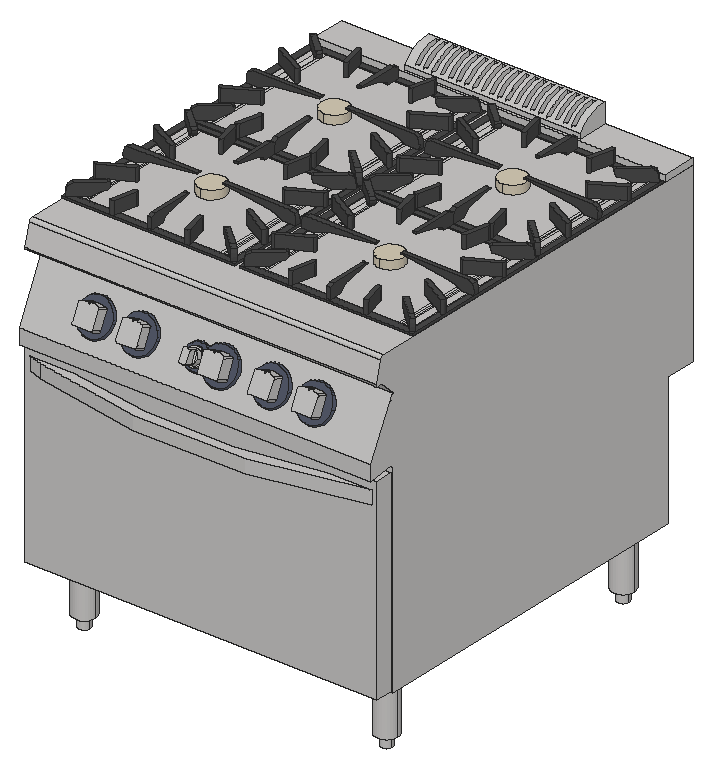
Revit family "QF_ZANUSSI_392006_Z9GCGH4SGM", category Specialty Equipment, Revit 2018 (continued)
Definition of nested family "QF_392006_BURNER"
  Automatic sketch dimensions
    curve 100 to curve 100 = 48.436 mm
    curve 103 to curve 103 = 1.125 mm
    curve 106 to curve 67 = 62.105 mm
    curve 107 to curve 107 = 4.872 mm
    plane 1 "BACK" to curve 104 = 55.96 mm
    curve 107 to curve 104 = 4.872 mm
    plane 1 "BACK" to curve 105 = 5.275 mm
    curve 107 to curve 105 = 11.182 mm
    curve 105 to curve 105 = 4.872 mm  (x2)
    curve 107 to curve 107 = 1.125 mm
    plane 1 "BACK" to curve 104 = 7.524 mm
    plane 1 "BACK" to curve 109 = 7.524 mm
    curve 62 to curve 109 = 41.179 mm
    curve 109 to curve 109 = 4.872 mm
    plane 1 "BACK" to curve 108 = 5.275 mm
    curve 109 to curve 108 = 4.872 mm
    curve 110 to curve 111 = 11.182 mm
    curve 110 to curve 111 = 4.872 mm
    plane 1 "BACK" to curve 108 = 53.711 mm
    curve 111 to curve 108 = 4.872 mm
    curve 111 to curve 108 = 2.25 mm
    radius of Extrusion 4 sketch curve = 30 mm
